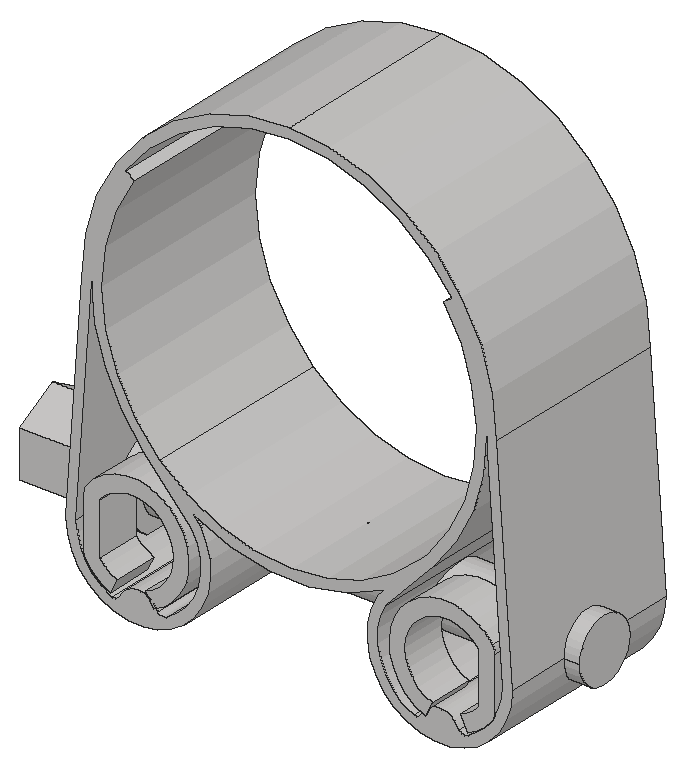
Revit family "FA_ХомутДляСтержняМачты_90535_EZETEK", category Системы пожарной сигнализации, Revit 2017
Family settings
  Сохранять ориентацию аннотаций = Нет
  Размер круглого соединителя = Использовать радиус
  Тип детали = Нормальный
  На основе рабочей плоскости = Нет
  Всегда вертикально = Да
  При загрузке вырезать с полостями = Нет
  Общий = Да
  Точка расчета площади = Нет
Parameters (values of type "ХомутДляСтержняМачты_90535")
  Угол = 90.00°  # constant formula
  Производитель_Контакты = "ezetek@ezetek.ru"  # constant formula
  Описание = "Хомуты используются для соединения молниеприемника с прутком, либо мачты с прутком."  # constant formula
  Использовать масштаб аннотаций [instance] = 1 = 0  # 0
  Изготовитель = "Ezetek"  # constant formula
  Группа модели = "Хомуты"  # constant formula
  URL = "https://ezetek.ru/"
  ADSK_Этаж [instance] = ""
  ADSK_Размер_Радиус [instance] = 19 mm
  ADSK_Размер_Диаметр [instance] = ADSK_Размер_Радиус * 2  # 38 mm
  ADSK_Примечание [instance] = ""
  ADSK_Позиция [instance] = ""
  ADSK_Обозначение = "90535"
  ADSK_Наименование краткое [instance] = "Хомут для стержня"
  ADSK_Наименование = "Хомут для мачты 32-35 мм, нерж"
  ADSK_Материал = BIMLIB_Сталь_Нержавеющая_EZETEK
  ADSK_Масса_Текст = "0.06"  # constant formula
  ADSK_Масса = 0.06  # constant formula
  ADSK_Марка = "90535"
  ADSK_Количество = 1  # constant formula
  ADSK_Код изделия = "90535"
  ADSK_Завод-изготовитель = "Ezetek"  # constant formula
  ADSK_Единица измерения = "шт."  # constant formula
  ADSK_Группирование [instance] = ""
  ADSK_Версия Revit = "2017"  # constant formula
Reference planes
  plane 1 "По центру (Вперед/Назад)": y = 0
  plane 2: z = 0
  plane 3 "По центру (Влево/Вправо)": x = 0
  plane 4: y = 9.175
  plane 5: y = -9.175
  plane 6: y = 10.199
  plane 7: y = -10.199
  plane 8: x = -15.125
  plane 9: x = 15.125
Forms (mm)
  Extrusion 1, solid, material "BIMLIB_Сталь_Нержавеющая_EZETEK" <- "ADSK_Материал", detail levels fine
    sketch origin (0, 0, 0) x (1, 0, 0) y (0, 0, 1)
      loop
        arc (0, 20) -> (-14.142, 14.142) -> (-20, 0) r 20
        line (-20, 0) -> (-21.5, -21)
        arc (-21.5, -21) -> (-12.611, -27.74) -> (-8.519, -17.362) r 7
        line (-8.519, -17.362) -> (-9.187, -16.631)
        arc (-9.187, -16.631) -> (0, -19) -> (9.188, -16.631) r 19
        line (9.188, -16.631) -> (8.519, -17.362)
        arc (8.519, -17.362) -> (12.611, -27.74) -> (21.5, -21) r 7
        line (21.5, -21) -> (20, 0)
        arc (20, 0) -> (14.142, 14.142) -> (0, 20) r 20
      loop
        arc (15.692, 10.713) -> (8.873, 16.801) -> (0, 19) r 19
        arc (0, 19) -> (-8.873, 16.801) -> (-15.692, 10.713) r 19
        line (-15.692, 10.713) -> (-14.866, 10.149)
        arc (-14.866, 10.149) -> (-17.901, -1.889) -> (-12.42, -13.029) r 18
        arc (-12.42, -13.029) -> (0.219, -17.999) -> (12.733, -12.723) r 18
        arc (12.733, -12.723) -> (13.011, -12.439) -> (13.283, -12.149) r 18
        arc (13.283, -12.149) -> (17.968, -1.273) -> (14.882, 10.16) r 18.002
        line (14.882, 10.16) -> (15.692, 10.713)
      loop
        arc (-20.5, -21) -> (-19.569, -24.21) -> (-17.066, -26.424) r 6
        arc (-17.066, -26.424) -> (-16.647, -26.44) -> (-16.322, -26.175) r 0.594
        arc (-16.322, -26.175) -> (-14.5, -25) -> (-12.678, -26.175) r 2
        arc (-12.678, -26.175) -> (-12.326, -26.448) -> (-11.883, -26.399) r 0.594
        arc (-11.883, -26.399) -> (-8.745, -22.695) -> (-9.374, -17.882) r 6
        line (-9.374, -17.882) -> (-13.993, -12.853)
        arc (-13.993, -12.853) -> (-17.704, -6.897) -> (-19, 0) r 19
        line (-19, 0) -> (-20.5, -21)
      loop
        arc (19, 0) -> (17.704, -6.897) -> (13.993, -12.853) r 19
        line (13.993, -12.853) -> (9.374, -17.882)
        arc (9.374, -17.882) -> (8.753, -22.723) -> (11.934, -26.424) r 6
        arc (11.934, -26.424) -> (12.353, -26.44) -> (12.678, -26.175) r 0.594
        arc (12.678, -26.175) -> (14.5, -25) -> (16.322, -26.175) r 2
        arc (16.322, -26.175) -> (16.674, -26.448) -> (17.117, -26.399) r 0.594
        arc (17.117, -26.399) -> (19.584, -24.186) -> (20.5, -21) r 6
        line (20.5, -21) -> (19, 0)
    from 9.175 to -9.175
  Extrusion 2, solid, material "BIMLIB_Сталь_Нержавеющая_EZETEK" <- "ADSK_Материал", detail levels fine
    sketch origin (0, 0, 0) x (0, 1, 0) y (0, 0, 1)
      loop
        line (-3.897, -18.75) -> (-3.897, -23.25) -> (0, -25.5) -> (3.897, -23.25) -> (3.897, -18.75) -> (0, -16.5) -> (-3.897, -18.75)
    from -23.122 to -30.122
  Extrusion 3, solid, material "BIMLIB_Сталь_Нержавеющая_EZETEK" <- "ADSK_Материал", detail levels fine
    sketch origin (0, 0, 0) x (0, 1, 0) y (0, 0, 1)
      loop
        circle (0, -21) r 4.5
    from -19.122 to -23.122
  Extrusion 4, solid, material "BIMLIB_Сталь_Нержавеющая_EZETEK" <- "ADSK_Материал", detail levels fine
    sketch origin (0, 0, 0) x (0, 1, 0) y (0, 0, 1)
      loop
        circle (0, -21) r 3
    from 22.977 to -19.122
  Extrusion 5, solid, material "BIMLIB_Сталь_Нержавеющая_EZETEK" <- "ADSK_Материал", detail levels fine
    sketch origin (0, 0, 0) x (1, 0, 0) y (0, 0, 1)
      loop
        arc (-13.084, -26.107) -> (-10.763, -17.651) -> (-19.532, -17.71) r 5.5
        arc (-19.532, -17.71) -> (-19.686, -18.088) -> (-19.747, -18.492) r 1.731
        line (-19.747, -18.492) -> (-19.747, -23.508)
        arc (-19.747, -23.508) -> (-19.686, -23.912) -> (-19.532, -24.29) r 1.731
        arc (-19.532, -24.29) -> (-18.474, -25.362) -> (-17.166, -26.107) r 5.5
        line (-17.166, -26.107) -> (-16.477, -24.765)
        arc (-16.477, -24.765) -> (-17.45, -24.255) -> (-18.247, -23.5) r 4
        line (-18.247, -23.5) -> (-18.247, -18.5)
        arc (-18.247, -18.5) -> (-11.87, -18.675) -> (-13.773, -24.765) r 4
        line (-13.773, -24.765) -> (-13.084, -26.107)
      loop
        arc (19.532, -17.71) -> (10.763, -17.651) -> (13.084, -26.107) r 5.5
        line (13.084, -26.107) -> (13.773, -24.765)
        arc (13.773, -24.765) -> (11.87, -18.675) -> (18.247, -18.5) r 4
        line (18.247, -18.5) -> (18.247, -23.5)
        arc (18.247, -23.5) -> (17.45, -24.255) -> (16.477, -24.765) r 4
        line (16.477, -24.765) -> (17.166, -26.107)
        arc (17.166, -26.107) -> (18.474, -25.362) -> (19.532, -24.29) r 5.5
        arc (19.532, -24.29) -> (19.686, -23.912) -> (19.747, -23.508) r 1.731
        line (19.747, -23.508) -> (19.747, -18.492)
        arc (19.747, -18.492) -> (19.686, -18.088) -> (19.532, -17.71) r 1.731
    from -4.825 to -9.175
  Extrusion 6, solid, material "BIMLIB_Сталь_Нержавеющая_EZETEK" <- "ADSK_Материал", detail levels fine
    sketch origin (0, 0, 0) x (1, 0, 0) y (0, 0, -1)
      loop
        line (-13.084, 26.107) -> (-13.773, 24.765)
        arc (-13.773, 24.765) -> (-11.87, 18.675) -> (-18.247, 18.5) r 4
        line (-18.247, 18.5) -> (-18.247, 23.5)
        arc (-18.247, 23.5) -> (-17.45, 24.255) -> (-16.477, 24.765) r 4
        line (-16.477, 24.765) -> (-17.166, 26.107)
        arc (-17.166, 26.107) -> (-18.474, 25.362) -> (-19.532, 24.29) r 5.5
        arc (-19.532, 24.29) -> (-19.686, 23.912) -> (-19.747, 23.508) r 1.731
        line (-19.747, 23.508) -> (-19.747, 18.492)
        arc (-19.747, 18.492) -> (-19.686, 18.088) -> (-19.532, 17.71) r 1.731
        arc (-19.532, 17.71) -> (-10.763, 17.651) -> (-13.084, 26.107) r 5.5
      loop
        arc (13.084, 26.107) -> (10.763, 17.651) -> (19.532, 17.71) r 5.5
        arc (19.532, 17.71) -> (19.686, 18.088) -> (19.747, 18.492) r 1.731
        line (19.747, 18.492) -> (19.747, 23.508)
        arc (19.747, 23.508) -> (19.686, 23.912) -> (19.532, 24.29) r 1.731
        arc (19.532, 24.29) -> (18.474, 25.362) -> (17.166, 26.107) r 5.5
        line (17.166, 26.107) -> (16.477, 24.765)
        arc (16.477, 24.765) -> (17.45, 24.255) -> (18.247, 23.5) r 4
        line (18.247, 23.5) -> (18.247, 18.5)
        arc (18.247, 18.5) -> (11.87, 18.675) -> (13.773, 24.765) r 4
        line (13.773, 24.765) -> (13.084, 26.107)
    from -4.825 to -9.175
Cuts and joins
  joined: Extrusion 1, Extrusion 3, Extrusion 4
Lines and regions (mm)
  reference lines
    curve 1: circle (0, 0, 0) r 19 normal (0, -1, 0)
    curve 2: circle (0, 0, 0) r 18 normal (0, -1, 0)
Dimensions and locks
  equal spacing: plane 4, plane 1 "По центру (Вперед/Назад)", plane 5
  locked: plane 4 to plane 5 at 18.35
  locked: plane 7 to plane 5 at 1.024
  locked: plane 6 to plane 4 at 1.024
  plane 9 to plane 8 = 30.25 mm
  equal spacing: plane 9, plane 3 "По центру (Влево/Вправо)", plane 8
  "ADSK_Размер_Радиус": radius of curve 1
  aligned and locked: level to plane 2
  aligned and locked: plane 5 to Extrusion 1
  aligned and locked: plane 4 to Extrusion 1
  aligned and locked: plane 3 "По центру (Влево/Вправо)" to curve 1
  aligned and locked: plane 2 to curve 1
  aligned and locked: plane 2 to curve 2
  aligned and locked: plane 3 "По центру (Влево/Вправо)" to curve 2
Automatic sketch dimensions
  Extrusion 2 sketch curve to plane 1 "По центру (Вперед/Назад)" = 0 mm  (x2)
  plane 1 "По центру (Вперед/Назад)" to Extrusion 2 sketch curve = 3.897 mm
  Extrusion 2 sketch curve to plane 1 "По центру (Вперед/Назад)" = 3.897 mm
  Extrusion 2 sketch curve to level = 25.5 mm
  Extrusion 2 sketch curve to Extrusion 2 sketch curve = 2.25 mm  (x3)
  Extrusion 2 sketch curve to Extrusion 2 sketch curve = 4.5 mm  (x2)
  Extrusion 4 sketch curve to plane 1 "По центру (Вперед/Назад)" = 0 mm
  Extrusion 4 sketch curve to level = 21 mm
  Extrusion 5 sketch curve to Extrusion 5 sketch curve = 0 mm  (x26)
  Extrusion 5 sketch curve to plane 3 "По центру (Влево/Вправо)" = 19.747 mm
  Extrusion 5 sketch curve to Extrusion 5 sketch curve = 1.5 mm  (x2)
  Extrusion 5 sketch curve to Extrusion 5 sketch curve = 0.231 mm  (x3)
  Extrusion 5 sketch curve to Extrusion 5 sketch curve = 0.851 mm
  Extrusion 5 sketch curve to Extrusion 5 sketch curve = 0.689 mm  (x4)
  Extrusion 5 sketch curve to Extrusion 5 sketch curve = 2.892 mm  (x2)
  Extrusion 5 sketch curve to Extrusion 5 sketch curve = 2.704 mm  (x2)
  plane 3 "По центру (Влево/Вправо)" to Extrusion 5 sketch curve = 13.084 mm
  Extrusion 5 sketch curve to Extrusion 5 sketch curve = 1.352 mm
  Extrusion 5 sketch curve to Extrusion 5 sketch curve = 1.54 mm
  Extrusion 5 sketch curve to level = 26.107 mm  (x2)
  Extrusion 5 sketch curve to Extrusion 5 sketch curve = 1.343 mm  (x4)
  Extrusion 5 sketch curve to Extrusion 5 sketch curve = 1.257 mm  (x2)
  Extrusion 5 sketch curve to Extrusion 5 sketch curve = 0.008 mm  (x4)
  Extrusion 5 sketch curve to Extrusion 5 sketch curve = 0.047 mm  (x4)
  Extrusion 1 sketch curve to Extrusion 1 sketch curve = 0 mm  (x25)
  Extrusion 1 sketch curve to level = 0 mm
  Extrusion 1 sketch curve to plane 3 "По центру (Влево/Вправо)" = 0 mm
  Extrusion 1 sketch curve to plane 3 "По центру (Влево/Вправо)" = 8.519 mm
  Extrusion 1 sketch curve to Extrusion 1 sketch curve = 0.668 mm  (x2)
  Extrusion 1 sketch curve to Extrusion 1 sketch curve = 0.854 mm  (x2)
  Extrusion 1 sketch curve to Extrusion 1 sketch curve = 2.791 mm  (x2)
  Extrusion 1 sketch curve to Extrusion 1 sketch curve = 4.806 mm
  Extrusion 1 sketch curve to Extrusion 1 sketch curve = 2.335 mm  (x6)
  Extrusion 1 sketch curve to Extrusion 1 sketch curve = 0.826 mm
  Extrusion 1 sketch curve to Extrusion 1 sketch curve = 4.134 mm
  Extrusion 1 sketch curve to Extrusion 1 sketch curve = 1 mm  (x4)
  Extrusion 1 sketch curve to Extrusion 1 sketch curve = 6 mm  (x2)
  plane 3 "По центру (Влево/Вправо)" to Extrusion 1 sketch curve = 0.012 mm
  Extrusion 1 sketch curve to Extrusion 1 sketch curve = 0.001 mm  (x2)
  plane 3 "По центру (Влево/Вправо)" to Extrusion 1 sketch curve = 8.519 mm
  Extrusion 1 sketch curve to Extrusion 1 sketch curve = 4.805 mm
  Extrusion 1 sketch curve to Extrusion 1 sketch curve = 5.118 mm
  Extrusion 1 sketch curve to Extrusion 1 sketch curve = 0.81 mm
  Extrusion 1 sketch curve to Extrusion 1 sketch curve = 3.778 mm
  Extrusion 1 sketch curve to Extrusion 1 sketch curve = 0.731 mm  (x2)
  Extrusion 1 sketch curve to Extrusion 1 sketch curve = 0.52 mm  (x2)
  Extrusion 1 sketch curve to Extrusion 1 sketch curve = 4.876 mm  (x2)
  Extrusion 1 sketch curve to Extrusion 1 sketch curve = 1.124 mm  (x2)
  level to Extrusion 1 sketch curve = 0.014 mm
  level to Extrusion 1 sketch curve = 10.149 mm
  level to Extrusion 1 sketch curve = 10.16 mm
  Extrusion 1 sketch curve to Extrusion 1 sketch curve = 0.553 mm
  Extrusion 1 sketch curve to Extrusion 1 sketch curve = 0.282 mm
  Extrusion 1 sketch curve to Extrusion 1 sketch curve = 1.574 mm
  Extrusion 1 sketch curve to Extrusion 1 sketch curve = 0.513 mm  (x4)
  Extrusion 1 sketch curve to Extrusion 1 sketch curve = 0.231 mm
  Extrusion 1 sketch curve to Extrusion 1 sketch curve = 0.55 mm
  Extrusion 6 sketch curve to Extrusion 6 sketch curve = 0 mm  (x24)
  plane 8 to Extrusion 6 sketch curve = 0 mm
  plane 9 to Extrusion 6 sketch curve = 0 mm
  Extrusion 6 sketch curve to plane 8 = 1.352 mm
  Extrusion 6 sketch curve to Extrusion 6 sketch curve = 0.689 mm  (x3)
  Extrusion 6 sketch curve to plane 8 = 2.892 mm
  Extrusion 6 sketch curve to Extrusion 6 sketch curve = 1.54 mm  (x2)
  Extrusion 6 sketch curve to Extrusion 6 sketch curve = 0.231 mm  (x2)
  Extrusion 6 sketch curve to Extrusion 6 sketch curve = 1.5 mm  (x2)
  plane 8 to Extrusion 6 sketch curve = 1.352 mm
  plane 9 to Extrusion 6 sketch curve = 2.041 mm
  plane 9 to Extrusion 6 sketch curve = 1.352 mm
  Extrusion 6 sketch curve to plane 9 = 1.352 mm
  Extrusion 6 sketch curve to plane 9 = 2.892 mm
  Extrusion 6 sketch curve to level = 18.492 mm  (x2)
  Extrusion 6 sketch curve to Extrusion 6 sketch curve = 0.008 mm  (x4)
  Extrusion 6 sketch curve to Extrusion 6 sketch curve = 0.047 mm  (x4)
  Extrusion 6 sketch curve to Extrusion 6 sketch curve = 2.453 mm  (x4)
  Extrusion 6 sketch curve to Extrusion 6 sketch curve = 1.343 mm  (x4)
  radius of Extrusion 4 sketch curve = 3 mm
  radius of curve 2 = 18 mm
